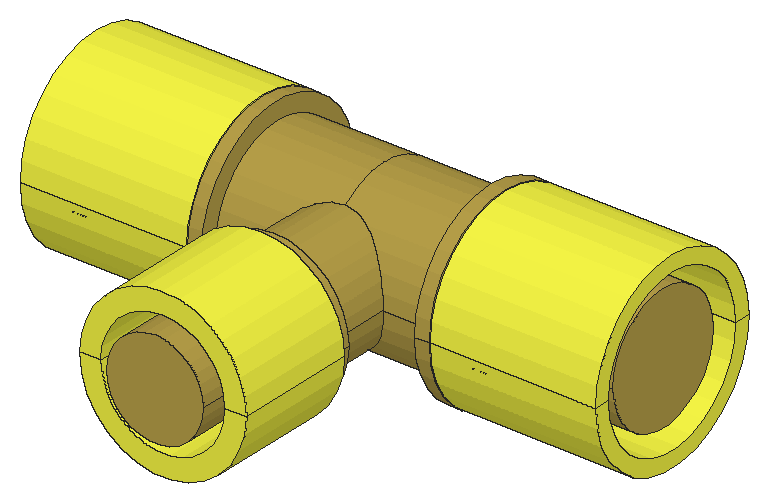
Revit family "Фитинг_Weser_Тройник переходной", category Соединительные детали трубопроводов, Revit 2020
Family settings
  Размер круглого соединителя = Использовать диаметр
  Тип детали = Тройник
  Номер OmniClass = 23.60.30.11.14
  Заголовок OmniClass = Pipework Fittings
  На основе рабочей плоскости = Нет
  Всегда вертикально = Да
  При загрузке вырезать с полостями = Нет
  Общий = Нет
Parameters (values of type "Латунь")
  B3 [instance] = size_lookup(LT, "B3", WSR_D3 + 4.0 mm, WSR_D1, WSR_D2, WSR_D3)  # 39.0 mm
  B2 [instance] = size_lookup(LT, "B2", WSR_D2 + 4.0 mm, WSR_D1, WSR_D2, WSR_D3)  # 31.0 mm
  B1 [instance] = size_lookup(LT, "B1", WSR_D1 + 4.0 mm, WSR_D1, WSR_D2, WSR_D3)  # 39.0 mm
  A3 [instance] = size_lookup(LT, "A3", WSR_D3 - 4.0 mm, WSR_D1, WSR_D2, WSR_D3)  # 25.5 mm
  Отметка по умолчанию = 0.0 mm
  Материал = Латунь
  D3 [instance] = size_lookup(LT, "D3", WSR_D3 * 2, WSR_D1, WSR_D2, WSR_D3)  # 57.0 mm
  WSR_D1 [instance] = 32 mm
  WSR_D3 [instance] = 32 mm
  WSR_D2 [instance] = 25 mm
  URL = "https://www.weser.ru/about/documentation/"
  Type Image = (empty or 0)
  Model = ""
  Manufacturer = ""
  A2 [instance] = size_lookup(LT, "A2", WSR_D2 - 4 mm, WSR_D1, WSR_D2, WSR_D3)  # 19.8 mm
  LT = "Фитинг_Weser_Тройник_переходной(Наименование)"
  C3 [instance] = size_lookup(LT, "C3", WSR_D3 + 2.0 mm, WSR_D1, WSR_D2, WSR_D3)  # 32.2 mm
  A1 [instance] = size_lookup(LT, "A1", WSR_D1 - 4 mm, WSR_D1, WSR_D2, WSR_D3)  # 25.5 mm
  C2 [instance] = size_lookup(LT, "C2", WSR_D2 + 2.0 mm, WSR_D1, WSR_D2, WSR_D3)  # 27.0 mm
  C1 [instance] = size_lookup(LT, "C1", WSR_D1 + 2.0 mm, WSR_D1, WSR_D2, WSR_D3)  # 32.2 mm
  Description = ""
  H2 [instance] = size_lookup(LT, "H", WSR_D2 * 2, WSR_D1, WSR_D2, WSR_D3)  # 58.5 mm
  D1 [instance] = size_lookup(LT, "D1", WSR_D1 * 2, WSR_D1, WSR_D2, WSR_D3)  # 57.0 mm
  ADSK_Наименование краткое [instance] = "Тр."  # constant formula
  ADSK_Наименование [instance] = size_lookup(LT, "", "не найдено", WSR_D1, WSR_D2, WSR_D3)  # "Тройник переходной 32-25-32"
  ADSK_Масса [instance] = 0
  ADSK_Марка = "WESERpex"  # constant formula
  ADSK_Код изделия [instance] = size_lookup(LT, "art", "не найдено", WSR_D1, WSR_D2, WSR_D3)  # "520233"
  ADSK_Завод-изготовитель = "Weser"  # constant formula
  ADSK_Единица измерения = "шт."  # constant formula
  ADSK_Группирование [instance] = ""
  ADSK_URL страницы изделия [instance] = ""
  ADSK_URL документации изделия [instance] = ""
Reference planes
  plane 1 "Center (Front/Back)": y = 0
  plane 2: z = 0
  plane 3 "Center (Left/Right)": x = 0
  plane 4: x = -57
  plane 5 "d1": x = -24.8
  plane 6: y = 7.5
  plane 7: y = -7.5
  plane 8: x = -7.5
  plane 9: x = 7.5
  plane 10 "d3": x = 24.8
  plane 11: x = 57
  plane 12 "d2": y = -31.5
  plane 13: y = -58.5
  plane 14: x = -21.8
  plane 15: y = -28.5
  plane 16: x = 21.8
Forms (mm)
  Extrusion 1, solid, material "Латунь" <- "Материал", detail levels fine
    sketch origin (-76.651, -31.5, 1200) x (1, 0, 0) y (0, 0, 1)
      loop
        circle (76.651, -1200) r 9.9
    from 0 to 27
  Extrusion 2, solid, material "Латунь" <- "Материал", detail levels fine
    sketch origin (-19, 5.999, 1200) x (0, -1, 0) y (0, 0, 1)
      loop
        circle (5.999, -1200) r 12.75
    from 0 to 38
  Extrusion 3, solid, material "Латунь" <- "Материал", detail levels fine
    sketch origin (24.8, 62.6, 1200) x (0, 1, 0) y (0, 0, 1)
      loop
        circle (-62.6, -1200) r 12.75
    from 0 to 32.2
  Extrusion 4, solid, material "Латунь" <- "Материал", detail levels fine
    sketch origin (0, 0, 0) x (0, 1, 0) y (0, 0, 1)
      loop
        circle (0, 0) r 16
    from -24.8 to 0
  Extrusion 5, solid, material "Латунь" <- "Материал", detail levels fine
    sketch origin (-1.315, 0, -2.171) x (1, 0, 0) y (0, 0, 1)
      loop
        circle (1.315, 2.171) r 12.5
    from 0 to 31.5
  Extrusion 6, solid, material "Латунь" <- "Материал", detail levels fine
    sketch origin (0, 0, 0) x (0, 1, 0) y (0, 0, 1)
      loop
        circle (0, 0) r 16
    from 0 to 24.8
  Extrusion 7, solid, material "Латунь" <- "Материал", detail levels fine
    sketch origin (-24.8, 5.999, 1200) x (0, -1, 0) y (0, 0, 1)
      loop
        circle (5.999, -1200) r 19.5
    from 0 to -3
  Extrusion 8, solid, material "Латунь" <- "Материал", detail levels fine
    sketch origin (-76.651, -31.5, 1200) x (1, 0, 0) y (0, 0, 1)
      loop
        circle (76.651, -1200) r 15.5
    from 0 to -3
  Extrusion 9, solid, material "Латунь" <- "Материал", detail levels fine
    sketch origin (24.8, 62.6, 1200) x (0, 1, 0) y (0, 0, 1)
      loop
        circle (-62.6, -1200) r 19.5
    from 0 to -3
Cuts and joins
  joined: Extrusion 1, Extrusion 2, Extrusion 3, Extrusion 4, Extrusion 5, Extrusion 6
Lines and regions (mm)
  model lines, detail levels coarse+medium
    curve 1: line (-24.8, 0, 0) -> (24.8, 0, 0)
    curve 2: line (0, -31.5, 0) -> (0, 0, 0)
    curve 3: line (-7.5, -31.5, 0) -> (7.5, -31.5, 0)
    curve 4: line (-24.8, 7.5, 0) -> (-24.8, -7.5, 0)
    curve 5: line (24.8, 7.5, 0) -> (24.8, -7.5, 0)
Dimensions and locks
  "C1": plane 4 to plane 5 "d1"
  "D1": plane 4 to plane 3 "Center (Left/Right)"
  equal spacing: plane 6, plane 1 "Center (Front/Back)", plane 7
  plane 6 to plane 7 = 15.0 mm
  equal spacing: plane 8, plane 3 "Center (Left/Right)", plane 9
  plane 8 to plane 9 = 15.0 mm
  "D3": plane 3 "Center (Left/Right)" to plane 11
  "H2": plane 13 to plane 1 "Center (Front/Back)"
  "C2": plane 13 to plane 12 "d2"
  plane 5 "d1" to plane 14 = 3.0 mm
  plane 12 "d2" to plane 15 = 3.0 mm
  "C3": plane 10 "d3" to plane 11
  plane 16 to plane 10 "d3" = 3.0 mm
  "WSR_D1": diameter of Extrusion 4 sketch curve
  "WSR_D3": diameter of Extrusion 6 sketch curve
  "WSR_D2": diameter of Extrusion 5 sketch curve
  "B1": diameter of Extrusion 7 sketch curve
  "B2": diameter of Extrusion 8 sketch curve
  "B3": diameter of Extrusion 9 sketch curve
  "A1": diameter of Extrusion 2 sketch curve
  "A3": diameter of Extrusion 3 sketch curve
  "A2": diameter of Extrusion 1 sketch curve
  aligned and locked: level to plane 2
  aligned and locked: plane 5 "d1" to curve 1
  aligned and locked: plane 1 "Center (Front/Back)" to curve 1
  aligned and locked: curve 2 to plane 3 "Center (Left/Right)"
  aligned and locked: plane 7 to curve 4
  aligned and locked: plane 5 "d1" to curve 4
  aligned and locked: Extrusion 2 to plane 4
  aligned and locked: plane 5 "d1" to Extrusion 4
  aligned and locked: plane 7 to curve 5
  aligned and locked: curve 5 to plane 10 "d3"
  aligned and locked: plane 12 "d2" to Extrusion 5
  aligned and locked: plane 13 to Extrusion 1
  aligned and locked: plane 5 "d1" to nested 2
  aligned and locked: plane 12 "d2" to nested 3
  aligned and locked: plane 3 "Center (Left/Right)" to Extrusion 4
  aligned and locked: Extrusion 6 to plane 3 "Center (Left/Right)"
  aligned and locked: plane 10 "d3" to Extrusion 6
  aligned and locked: Extrusion 7 to plane 14
  aligned and locked: plane 15 to Extrusion 8
  aligned and locked: plane 11 to Extrusion 3
  aligned and locked: Extrusion 3 to plane 10 "d3"
  aligned and locked: plane 10 "d3" to Extrusion 9
  aligned and locked: Extrusion 9 to plane 16
  aligned and locked: nested 1 to Extrusion 9
Automatic sketch dimensions
  curve 3 to plane 8 = 0.0 mm
  curve 3 to plane 9 = 0.0 mm
  plane 12 "d2" to curve 2 = 0.0 mm
  curve 5 to plane 6 = 0.0 mm
  curve 4 to plane 6 = 0.0 mm
  Extrusion 1 sketch curve to level = 0.0 mm
  Extrusion 1 sketch curve to plane 3 "Center (Left/Right)" = 0.0 mm
  Extrusion 2 sketch curve to level = 0.0 mm
  Extrusion 2 sketch curve to plane 1 "Center (Front/Back)" = 0.0 mm
  Extrusion 3 sketch curve to level = 0.0 mm
  Extrusion 3 sketch curve to plane 1 "Center (Front/Back)" = 0.0 mm
  Extrusion 4 sketch curve to level = 0.0 mm
  Extrusion 4 sketch curve to plane 1 "Center (Front/Back)" = 0.0 mm
  Extrusion 5 sketch curve to level = 0.0 mm
  Extrusion 5 sketch curve to plane 3 "Center (Left/Right)" = 0.0 mm
  Extrusion 6 sketch curve to level = 0.0 mm
  Extrusion 6 sketch curve to plane 1 "Center (Front/Back)" = 0.0 mm
  Extrusion 7 sketch curve to level = 0.0 mm
  Extrusion 7 sketch curve to plane 1 "Center (Front/Back)" = 0.0 mm
  Extrusion 8 sketch curve to level = 0.0 mm
  Extrusion 8 sketch curve to plane 3 "Center (Left/Right)" = 0.0 mm
  Extrusion 9 sketch curve to level = 0.0 mm
  Extrusion 9 sketch curve to plane 1 "Center (Front/Back)" = 0.0 mm
Nested families
  nested 1: "Фитинг_Weser_Гильза монтажная, латунь" at (24.8, 0, 0), ADSK_Диаметр условный <- "WSR_D3", ADSK_Группирование <- "ADSK_Группирование", type "Желтая"
    with Радиус Наружный 19.5 mm, Радиус Внутренний 16.4 mm, ADSK_Наименование "Гильза монтажная DN32", Длина 34.0 mm, Видимость yes, ADSK_Примечание "", ADSK_Масса_Текст "", ADSK_Код изделия "520032", ADSK_Диаметр условный 32 mm, ADSK_Группирование "", ADSK_URL страницы изделия "", ADSK_URL документации изделия ""
  nested 2: "Фитинг_Weser_Гильза монтажная, латунь" at (-24.8, 0, 0) x (-1, 0, 0) z (0, 0, 1), ADSK_Диаметр условный <- "WSR_D1", ADSK_Группирование <- "ADSK_Группирование", type "Желтая"
    with Радиус Наружный 19.5 mm, Радиус Внутренний 16.4 mm, ADSK_Наименование "Гильза монтажная DN32", Длина 34.0 mm, Видимость yes, ADSK_Примечание "", ADSK_Масса_Текст "", ADSK_Код изделия "520032", ADSK_Диаметр условный 32 mm, ADSK_Группирование "", ADSK_URL страницы изделия "", ADSK_URL документации изделия ""
  nested 3: "Фитинг_Weser_Гильза монтажная, латунь" at (0, -31.5, 0) x (0, -1, 0) z (0, 0, 1), ADSK_Диаметр условный <- "WSR_D2", ADSK_Группирование <- "ADSK_Группирование", type "Желтая"
    with Радиус Наружный 17 mm, Радиус Внутренний 12.7 mm, ADSK_Наименование "Гильза монтажная DN25", Длина 25.0 mm, Видимость yes, ADSK_Примечание "", ADSK_Масса_Текст "", ADSK_Код изделия "520031", ADSK_Диаметр условный 25 mm, ADSK_Группирование "", ADSK_URL страницы изделия "", ADSK_URL документации изделия ""
Connectors
  piping at (-24.8, 0, 0), diameter 32, driven by "WSR_D1"
    settings: on Extrusion 4, index 1, connector inside diameter 609.6 mm, connector length 0.0 mm, flow factor 0, pipe flow 0.0 L/s, pressure drop 0.0 Pa, fitting loss kfactor 0, connector angle 0.00°, fixture units 0, engagement length 0.0 mm, angle of deflection 0.00°, flow configuration 0, flow direction 0, fitting loss method 0, system type 29, joint type 0, gender type 0, connector reference index 6, connector utility 0, adjustable connector no, is connector primary yes, connector description ""
  piping at (0, -31.5, 0), diameter 25, driven by "WSR_D2"
    settings: on plane 12 "d2", index 4, connector inside diameter 609.6 mm, connector length 0.0 mm, flow factor 0, pipe flow 0.0 L/s, pressure drop 0.0 Pa, fitting loss kfactor 0, connector angle 0.00°, fixture units 0, engagement length 0.0 mm, angle of deflection 0.00°, flow configuration 0, flow direction 0, fitting loss method 0, system type 29, joint type 0, gender type 0, connector reference index -1, connector utility 0, adjustable connector no, is connector primary no, connector description ""
  piping at (24.8, 0, 0), diameter 32, driven by "WSR_D3"
    settings: on Extrusion 9, index 6, connector inside diameter 609.6 mm, connector length 0.0 mm, flow factor 0, pipe flow 0.0 L/s, pressure drop 0.0 Pa, fitting loss kfactor 0, connector angle 0.00°, fixture units 0, engagement length 0.0 mm, angle of deflection 0.00°, flow configuration 0, flow direction 0, fitting loss method 0, system type 29, joint type 0, gender type 0, connector reference index 1, connector utility 0, adjustable connector no, is connector primary no, connector description ""
Definition of nested family "Фитинг_Weser_Гильза монтажная, латунь"
  Parameters (values of type "Желтая")
    Радиус Внутренний [instance] = size_lookup(Поиск в таблице имен, "Rv", ADSK_Диаметр условный / 1.9, ADSK_Диаметр условный)  # 16.4 mm
    Поиск в таблице имен 2 = "Фитинг_Weser_Гильза_монтажная_латунь(Код)"
    Default Elevation = 0.0 mm
    Материал = none
    Видимость [instance] = yes
    URL = ""
    Type Image = (empty or 0)
    Manufacturer = ""
    Поиск в таблице имен = "Фитинг_Weser_Гильза_монтажная_латунь(Наименование)"
    Длина [instance] = size_lookup(Поиск в таблице имен, "Length", ADSK_Диаметр условный, ADSK_Диаметр условный)  # 34.0 mm
    Радиус Наружный [instance] = size_lookup(Поиск в таблице имен, "Rn", ADSK_Диаметр условный / 1.5, ADSK_Диаметр условный)  # 19.5 mm
    Description = ""
    ADSK_Примечание [instance] = ""
    ADSK_Наименование краткое = ""
    ADSK_Наименование [instance] = size_lookup(Поиск в таблице имен, "", "Решение не найдено", ADSK_Диаметр условный)  # "Гильза монтажная DN32"
    ADSK_Масса_Текст [instance] = ""
    ADSK_Марка = ""
    ADSK_Код изделия [instance] = size_lookup(Поиск в таблице имен 2, "", "Решение не найдено", ADSK_Диаметр условный)  # "520032"
    ADSK_Завод-изготовитель = ""
    ADSK_Единица измерения = "шт."  # constant formula
    ADSK_Диаметр условный [instance] = 32 mm
    ADSK_Группирование [instance] = ""
    ADSK_URL страницы изделия [instance] = ""
    ADSK_URL документации изделия [instance] = ""
  Reference planes
    plane 1 "Center (Front/Back)": y = 0
    plane 2: z = 0
    plane 3 "Center (Left/Right)": x = 0
    plane 4: x = 34
    plane 5: y = 19.5
    plane 6: y = 50
    plane 7: y = 16.4
    plane 8: x = 5
  Forms (mm)
    Revolve 1, solid, material <- "Материал", visible <- "Видимость", detail levels fine
      sketch origin (0, 0, 0) x (1, 0, 0) y (0, 1, 0)
        loop
          line (0, 16.4) -> (34, 16.4) -> (34, 19.5) -> (0, 19.5) -> (0, 16.4)
        axis (34, 0) -> (0, 0)
      angle from 0 to 360
  Lines and regions (mm)
    reference lines
      curve 1: line (0, 0, 0) -> (34, 0, 0)
  Dimensions and locks
    "Длина": plane 3 "Center (Left/Right)" to plane 4
    "Радиус Наружный": plane 5 to plane 1 "Center (Front/Back)"
    locked: plane 6 to plane 1 "Center (Front/Back)" at 50
    "Радиус Внутренний": plane 7 to plane 1 "Center (Front/Back)"
    locked: plane 3 "Center (Left/Right)" to plane 8 at 5
    aligned and locked: level to plane 2
    aligned and locked: plane 4 to curve 1
    aligned and locked: plane 3 "Center (Left/Right)" to curve 1
    aligned and locked: plane 1 "Center (Front/Back)" to curve 1
    aligned and locked: plane 4 to Revolve 1 sketch curve
    aligned and locked: Revolve 1 sketch curve to plane 5
    aligned and locked: plane 3 "Center (Left/Right)" to Revolve 1 sketch curve
    aligned and locked: Revolve 1 sketch curve to plane 7
  Automatic sketch dimensions
    plane 1 "Center (Front/Back)" to Revolve 1 sketch curve = 0.0 mm
    Revolve 1 sketch curve to plane 3 "Center (Left/Right)" = 78.702 mm
    plane 4 to Revolve 1 sketch curve = 90.298 mm
